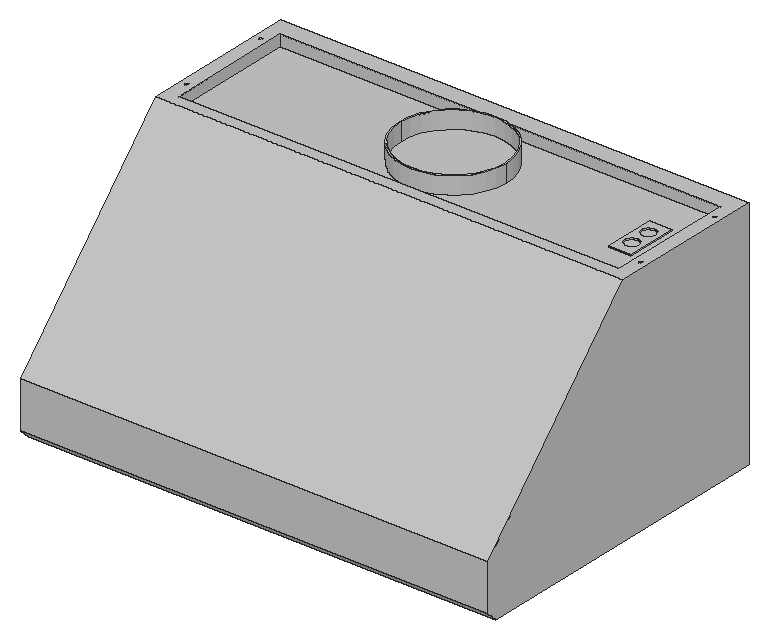
Revit family "FP_Revit_18_HCB36-6_N_Rangehood_90001234A", category Specialty Equipment, Revit 2018
Family settings
  Round Connector Dimension = Use Diameter
  Part Type = Normal
  OmniClass Number = 23.40.40.00
  OmniClass Title = Food Service Equipment and Furnishings
  Work Plane-Based = No
  Always vertical = Yes
  Cut with Voids When Loaded = Yes
  Shared = No
  Room Calculation Point = No
Parameters
  Visibility - Duct Transition [instance] = no
  Visibility - Duct Cover [instance] = no
  URL = "www.fisherpaykel.com"
  Product - Width = 1216 mm  # constant formula
  Product - Height = 457 mm  # constant formula
  Product - Depth = 636 mm  # constant formula
  Model = "HCB36-6_N"
  Material - Glass = Fisher & Paykel - White Bezel
  Material - Buttons and Dials = Fisher & Paykel - Steel, Chrome Plated
  Material - Body = Fisher & Paykel - Stainless Steel
  Manufacturer = "Fisher & Paykel Appliances"
  FFL Offset [instance] = 1677 mm
  Duct Cover - Height 6"(152mm) or 12"(305mm) [instance] = 305 mm
  Description = "36\" Professional Rangehood"
  Connector Description - Extraction 2 = "10\" (254mm) Outside diameter of ducting outlet, 600 CFM"
  Connector Description - Extraction 1 = "8\" (208mm) Outside diameter of ducting outlet, 600 CFM"
  Connector Description - Electrical = "120 V, 60 Hz, 20 A, Branch circuit"
Reference planes
  plane 1 "Center (Front/Back)": y = 0
  plane 2: z = 0
  plane 3 "Center (Left/Right)": x = 0
  plane 4 "Product LHS": x = -455.5
  plane 5 "Product RHS": x = 455.5
  plane 6 "Product Front": y = -318
  plane 7 "Product Rear": y = 318
  plane 8 "FFL Offset": z = 1677
  plane 9 "Product - Height": z = 2134
  plane 10 "Mounting": x = -443
  plane 11 "Duct Cover": z = 2439
Forms (mm)
  Extrusion 1, solid, material "Fisher & Paykel - Stainless Steel" <- "Material - Body"
    sketch origin (0, 0, 0) x (0, 1, 0) y (0, 0, 1)
      loop
        line (318, 2134) -> (13.065, 2134)
        arc (13.065, 2134) -> (-159.196, 1966.919) -> (-318, 1787) r 3096.459
        line (-318, 1787) -> (-318, 1696.18) -> (-297.82, 1677) -> (318, 1677) -> (318, 2134)
    from -455.5 to 455.5
  Extrusion 2, solid, material "Fisher & Paykel - Stainless Steel" <- "Material - Body"
    sketch origin (0, 0, 0) x (1, 0, 0) y (0, 1, 0)
      loop
        circle (0, 168) r 104
      loop
        circle (0, 168) r 102
    from 2112 to 2146
  Extrusion 3, void
    sketch origin (0, 0, 82.261) x (1, 0, 0) y (0, 1, 0)
      loop
        circle (-443, 252) r 3
      loop
        circle (-443, 72) r 3
      loop
        circle (443, 252) r 3
      loop
        circle (443, 72) r 3
    from 2041.739 to 2051.739
  Extrusion 4, void
    sketch origin (0, 0, 0) x (1, 0, 0) y (0, 0, 1)
      loop
        line (227.78, 2027.773) -> (227.78, 2037.9)
        arc (227.78, 2037.9) -> (224.28, 2041.4) -> (220.78, 2037.9) r 3.5
        line (220.78, 2037.9) -> (220.78, 2027.773)
        arc (220.78, 2027.773) -> (224.28, 2016.89) -> (227.78, 2027.773) r 6.004
      loop
        circle (250, 1753) r 9
      loop
        arc (-227.78, 2027.773) -> (-224.28, 2016.89) -> (-220.78, 2027.773) r 6.004
        line (-220.78, 2027.773) -> (-220.78, 2037.9)
        arc (-220.78, 2037.9) -> (-224.28, 2041.4) -> (-227.78, 2037.9) r 3.5
        line (-227.78, 2037.9) -> (-227.78, 2027.773)
      loop
        circle (-250, 1753) r 9
    from -318 to -293
  Extrusion 5, void
    sketch origin (0, 0, 0) x (0, 1, 0) y (0, 0, 1)
      loop
        line (-278.628, 1677) -> (242.7, 1677) -> (224.841, 1726.067) -> (241.039, 1726.067) -> (249.59, 1749.559) -> (224.137, 1758.823) -> (224.137, 1859.689) -> (-52.991, 1859.689) -> (-61.542, 1836.197) -> (-38.362, 1827.76) -> (-149.156, 1728) -> (-278.628, 1677)
    from -416.5 to 416.5
  Extrusion 6, solid, material "Fisher & Paykel - Stainless Steel" <- "Material - Body"
    sketch origin (0, 0, 0) x (1, 0, 0) y (0, 0, 1)
      loop
        line (-416.5, 1677) -> (-380, 1728) -> (-380, 1827.76) -> (-416.5, 1827.76) -> (-416.5, 1677)
      loop
        line (416.5, 1677) -> (416.5, 1827.76) -> (380, 1827.76) -> (380, 1728) -> (416.5, 1677)
    from -242.7 to 278.628
  Extrusion 7, void
    sketch origin (0, 0, 0) x (1, 0, 0) y (0, 0, 1)
      loop
        line (429.8, 2070.8) -> (-429.8, 2070.8) -> (-429.8, 1768.5) -> (429.8, 1768.5) -> (429.8, 2070.8)
    from -318 to -298
  Extrusion 8, void
    sketch origin (0, 0, 0) x (1, 0, 0) y (0, 1, 0)
      loop
        line (-429.7, 283.5) -> (-429.7, 35.2) -> (429.7, 35.2) -> (429.7, 283.5) -> (-429.7, 283.5)
    from 2112 to 2134
  Extrusion 9, solid, material "Fisher & Paykel - Stainless Steel" <- "Material - Body"
    sketch origin (0, 0, 0) x (1, 0, 0) y (0, 1, 0)
      loop
        line (349.4, 209.7) -> (349.4, 109.7) -> (393.4, 109.7) -> (393.4, 209.7) -> (349.4, 209.7)
      loop
        circle (371.4, 179.7) r 13.89
      loop
        circle (371.4, 139.7) r 13.89
    from 2112 to 2113.8
  Revolve 10, solid, material "Fisher & Paykel - Steel, Chrome Plated" <- "Material - Buttons and Dials", detail levels medium+fine
    sketch origin (-175, 0, 0) x (0, 1, 0) y (0, 0, 1)
      loop
        line (-187.912, 1712.734) -> (-185.676, 1707.058) -> (-176.21, 1713.044) -> (-177.677, 1716.766) -> (-187.912, 1712.734)
      axis (-213.499, 1702.655) -> (-211.263, 1696.979)
    angle from 0 to 360
  Revolve 11, solid, material "Fisher & Paykel - Steel, Chrome Plated" <- "Material - Buttons and Dials", detail levels medium+fine
    sketch origin (175, 0, 0) x (0, 1, 0) y (0, 0, 1)
      loop
        line (-187.912, 1712.734) -> (-185.676, 1707.058) -> (-176.21, 1713.044) -> (-177.677, 1716.766) -> (-187.912, 1712.734)
      axis (-213.499, 1702.655) -> (-211.263, 1696.979)
    angle from 0 to 360
  Revolve 12, solid, material "Fisher & Paykel - White Bezel" <- "Material - Glass", detail levels fine
    sketch origin (-175, 0, 0) x (0, 1, 0) y (0, 0, 1)
      loop
        line (-213.499, 1702.655) -> (-211.263, 1696.979) -> (-185.676, 1707.058) -> (-187.912, 1712.734) -> (-213.499, 1702.655)
      axis (-213.499, 1702.655) -> (-211.263, 1696.979)
    angle from 0 to 360
  Revolve 13, solid, material "Fisher & Paykel - White Bezel" <- "Material - Glass", detail levels fine
    sketch origin (175, 0, 0) x (0, 1, 0) y (0, 0, 1)
      loop
        line (-213.499, 1702.655) -> (-211.263, 1696.979) -> (-185.676, 1707.058) -> (-187.912, 1712.734) -> (-213.499, 1702.655)
      axis (-213.499, 1702.655) -> (-211.263, 1696.979)
    angle from 0 to 360
  Revolve 14, solid, material "Fisher & Paykel - Steel, Chrome Plated" <- "Material - Buttons and Dials", detail levels medium+fine
    sketch origin (-2000, -44.72, 0) x (1, 0, 0) y (0, 0, 1)
      loop
        line (2397.702, 1703.266) -> (2384.853, 1694.071) -> (2396.493, 1677.807) -> (2406.089, 1684.674) -> (2407.078, 1683.292) -> (2410.509, 1681.935) -> (2412.135, 1683.099) -> (2397.702, 1703.266)
      axis (2397.702, 1703.266) -> (2384.853, 1694.071)
    angle from 0 to 360
  Revolve 15, solid, material "Fisher & Paykel - Steel, Chrome Plated" <- "Material - Buttons and Dials", detail levels medium+fine
    sketch origin (-2000, -124.719, 0) x (1, 0, 0) y (0, 0, 1)
      loop
        line (2397.702, 1703.266) -> (2384.853, 1694.071) -> (2396.493, 1677.807) -> (2406.089, 1684.674) -> (2407.078, 1683.292) -> (2410.509, 1681.935) -> (2412.135, 1683.099) -> (2397.702, 1703.266)
      axis (2397.702, 1703.266) -> (2384.853, 1694.071)
    angle from 0 to 360
  Extrusion 16, solid, material "Fisher & Paykel - Stainless Steel" <- "Material - Body", visible <- "Visibility - Duct Transition"
    sketch origin (0, 0, 0) x (0, 1, 0) y (0, 0, 1)
      loop
        line (70.503, 2112) -> (265.177, 2112) -> (296.34, 2228.3) -> (39.34, 2228.3) -> (70.503, 2112)
    from -275 to 275
  Extrusion 17, solid, material "Fisher & Paykel - Stainless Steel" <- "Material - Body", visible <- "Visibility - Duct Transition"
    sketch origin (0, 0, 0) x (1, 0, 0) y (0, 1, 0)
      loop
        circle (0, 167.84) r 124.7
      loop
        circle (0, 167.84) r 123.7
    from 2228.3 to 2261.3
  Extrusion 18, solid, material "Fisher & Paykel - Stainless Steel" <- "Material - Body", visible <- "Visibility - Duct Cover"
    sketch origin (0, 0, 0) x (1, 0, 0) y (0, 1, 0)
      loop
        line (-455.5, 318) -> (-455.5, 13.065) -> (455.5, 13.065) -> (455.5, 318) -> (429.7, 318) -> (429.7, 35.2) -> (-429.7, 35.2) -> (-429.7, 318) -> (-455.5, 318)
    from 2134 to 2439
  Extrusion 19, solid, material "Fisher & Paykel - Stainless Steel" <- "Material - Body", detail levels fine
    sketch origin (0, 0, 0) x (0, 1, 0) y (0, 0, 1)
      loop
        line (224.137, 1827.76) -> (-38.362, 1827.76) -> (241.039, 1726.067) -> (249.59, 1749.559) -> (224.137, 1758.823) -> (224.137, 1827.76)
    from -380 to -352
  Extrusion 20, solid, material "Fisher & Paykel - Stainless Steel" <- "Material - Body", detail levels fine
    sketch origin (0, 0, 0) x (0, 1, 0) y (0, 0, -1)
      loop
        line (224.137, -1827.76) -> (224.137, -1758.823) -> (249.59, -1749.559) -> (241.039, -1726.067) -> (-38.362, -1827.76) -> (224.137, -1827.76)
    from -380 to -352
Cuts and joins
  Extrusion 3, Extrusion 4, Extrusion 5, Extrusion 7, Extrusion 8 cuts Extrusion 1
  Extrusion 7 cuts Extrusion 6
  joined: Extrusion 1, Extrusion 6
Text (mm)
  text "Due to ongoing product development, product details are subject to change without notice. \nPlease always refer to www.fisherpaykel.com for the most current product information. \n© Fisher & Paykel 2020" at (41.04, -1225.549, 0), in view "Ref. Level (Plan)"
Dimensions and locks
  equal spacing: plane 4 "Product LHS", plane 3 "Center (Left/Right)", plane 5 "Product RHS"
  equal spacing: plane 7 "Product Rear", plane 1 "Center (Front/Back)", plane 6 "Product Front"
  "Product - Depth": plane 7 "Product Rear" to plane 6 "Product Front"
  "FFL Offset": plane 8 "FFL Offset" to level
  Extrusion 1 to Extrusion 2 sketch curve = 150 mm
  Extrusion 2 sketch curve to plane 3 "Center (Left/Right)" = 0 mm
  plane 9 "Product - Height" to Extrusion 2 = 12 mm
  Extrusion 1 to Extrusion 3 sketch curve = 66 mm
  Extrusion 1 to Extrusion 3 sketch curve = 246 mm
  locked: Extrusion 3 to plane 9 "Product - Height" at 10
  "Product - Height": plane 9 "Product - Height" to plane 8 "FFL Offset"
  locked: Extrusion 2 to plane 9 "Product - Height" at 12
  locked: cut or joined group of Extrusion 1, Extrusion 3, Extrusion 4, Extrusion 5, Extrusion 6, Extrusion 7, Extrusion 8 to plane 9 "Product - Height" at 22
  locked: plane 9 "Product - Height" to Extrusion 17 at 127.3
  locked: cut or joined group of Extrusion 1, Extrusion 3, Extrusion 4, Extrusion 5, Extrusion 6, Extrusion 7, Extrusion 8 to Extrusion 9 at 1.8
  locked: nested 2 to plane 8 "FFL Offset" at 55.223
  locked: Extrusion 16 to plane 9 "Product - Height" at 94.3
  "Duct Cover - Height 6"(152mm) or 12"(305mm)": plane 9 "Product - Height" to plane 11 "Duct Cover"
  locked: nested 1 to plane 8 "FFL Offset" at 104.132
  locked: Extrusion 1 sketch curve to plane 8 "FFL Offset" at 110
  aligned and locked: level to plane 2
  aligned and locked: plane 8 "FFL Offset" to Extrusion 1 sketch curve
  aligned and locked: Extrusion 1 to plane 5 "Product RHS"
  aligned and locked: plane 4 "Product LHS" to Extrusion 1
  aligned and locked: plane 7 "Product Rear" to Extrusion 1
  aligned and locked: Extrusion 1 to plane 6 "Product Front"
  aligned and locked: Extrusion 1 to plane 9 "Product - Height"
  aligned and locked: Extrusion 3 to plane 9 "Product - Height"
  aligned and locked: Extrusion 1 to Extrusion 4
  aligned and locked: Extrusion 8 to plane 9 "Product - Height"
  aligned and locked: plane 7 "Product Rear" to Extrusion 18 sketch curve
  aligned and locked: Extrusion 18 sketch curve to plane 7 "Product Rear"
  aligned and locked: Extrusion 18 sketch curve to cut or joined group of Extrusion 1, Extrusion 3, Extrusion 4, Extrusion 5, Extrusion 6, Extrusion 7, Extrusion 8  (x3)
  aligned and locked: plane 9 "Product - Height" to Extrusion 18
  aligned and locked: cut or joined group of Extrusion 1, Extrusion 3, Extrusion 4, Extrusion 5, Extrusion 6, Extrusion 7, Extrusion 8 to Extrusion 16
  aligned and locked: Extrusion 17 to Extrusion 16
  aligned and locked: cut or joined group of Extrusion 1, Extrusion 3, Extrusion 4, Extrusion 5, Extrusion 6, Extrusion 7, Extrusion 8 to Extrusion 9
  aligned and locked: cut or joined group of Extrusion 1, Extrusion 3, Extrusion 4, Extrusion 5, Extrusion 6, Extrusion 7, Extrusion 8 to Extrusion 2
  aligned and locked: plane 11 "Duct Cover" to Extrusion 18
Automatic sketch dimensions
  Extrusion 2 sketch curve to Extrusion 2 sketch curve = 0 mm  (x2)
  Extrusion 3 sketch curve to plane 10 "Mounting" = 0 mm  (x2)
  plane 5 "Product RHS" to Extrusion 3 sketch curve = 12.5 mm  (x2)
  Extrusion 3 sketch curve to plane 1 "Center (Front/Back)" = 72 mm
  Extrusion 3 sketch curve to plane 7 "Product Rear" = 66 mm
  plane 8 "FFL Offset" to Extrusion 4 sketch curve = 76 mm  (x2)
  plane 10 "Mounting" to Extrusion 4 sketch curve = 193 mm
  plane 9 "Product - Height" to Extrusion 4 sketch curve = 96.1 mm
  plane 10 "Mounting" to Extrusion 4 sketch curve = 215.22 mm
  Extrusion 4 sketch curve to Extrusion 4 sketch curve = 3.5 mm  (x4)
  plane 9 "Product - Height" to Extrusion 4 sketch curve = 106.227 mm
  plane 3 "Center (Left/Right)" to Extrusion 4 sketch curve = 220.78 mm
  plane 5 "Product RHS" to Extrusion 4 sketch curve = 205.5 mm
  Extrusion 4 sketch curve to Extrusion 4 sketch curve = 15.005 mm
  Extrusion 4 sketch curve to Extrusion 4 sketch curve = 4.879 mm  (x2)
  Extrusion 4 sketch curve to Extrusion 4 sketch curve = 10.127 mm
  Extrusion 5 sketch curve to plane 8 "FFL Offset" = 0 mm
  plane 6 "Product Front" to Extrusion 5 sketch curve = 39.372 mm
  plane 8 "FFL Offset" to Extrusion 5 sketch curve = 51 mm
  Extrusion 5 sketch curve to Extrusion 5 sketch curve = 129.471 mm
  plane 1 "Center (Front/Back)" to Extrusion 5 sketch curve = 61.542 mm
  Extrusion 5 sketch curve to Extrusion 5 sketch curve = 8.551 mm  (x2)
  Extrusion 5 sketch curve to Extrusion 5 sketch curve = 23.18 mm
  Extrusion 5 sketch curve to plane 7 "Product Rear" = 93.863 mm
  Extrusion 5 sketch curve to Extrusion 5 sketch curve = 0.704 mm
  Extrusion 5 sketch curve to Extrusion 5 sketch curve = 16.198 mm
  Extrusion 5 sketch curve to Extrusion 5 sketch curve = 1.661 mm
  plane 8 "FFL Offset" to Extrusion 5 sketch curve = 49.067 mm
  Extrusion 5 sketch curve to Extrusion 5 sketch curve = 23.492 mm
  Extrusion 5 sketch curve to Extrusion 5 sketch curve = 99.76 mm
  Extrusion 5 sketch curve to Extrusion 5 sketch curve = 8.437 mm
  Extrusion 6 sketch curve to plane 8 "FFL Offset" = 0 mm  (x2)
  plane 10 "Mounting" to Extrusion 6 sketch curve = 26.5 mm
  Extrusion 6 sketch curve to Extrusion 6 sketch curve = 36.5 mm
  plane 5 "Product RHS" to Extrusion 6 sketch curve = 75.5 mm
  plane 5 "Product RHS" to Extrusion 6 sketch curve = 39 mm
  plane 8 "FFL Offset" to Extrusion 6 sketch curve = 51 mm  (x2)
  Extrusion 6 sketch curve to Extrusion 6 sketch curve = 99.76 mm  (x2)
  plane 10 "Mounting" to Extrusion 7 sketch curve = 13.2 mm
  plane 5 "Product RHS" to Extrusion 7 sketch curve = 25.7 mm
  plane 8 "FFL Offset" to Extrusion 7 sketch curve = 91.5 mm
  plane 9 "Product - Height" to Extrusion 7 sketch curve = 63.2 mm
  plane 10 "Mounting" to Extrusion 8 sketch curve = 13.3 mm
  plane 5 "Product RHS" to Extrusion 8 sketch curve = 25.8 mm
  Extrusion 8 sketch curve to plane 1 "Center (Front/Back)" = 35.2 mm
  Extrusion 8 sketch curve to plane 7 "Product Rear" = 34.5 mm
  plane 5 "Product RHS" to Extrusion 9 sketch curve = 106.1 mm
  Extrusion 9 sketch curve to Extrusion 9 sketch curve = 22 mm  (x3)
  Extrusion 9 sketch curve to plane 1 "Center (Front/Back)" = 109.7 mm
  Extrusion 9 sketch curve to Extrusion 9 sketch curve = 30 mm
  Extrusion 9 sketch curve to Extrusion 9 sketch curve = 40 mm
  Extrusion 9 sketch curve to Extrusion 9 sketch curve = 29.999 mm
  plane 8 "FFL Offset" to Revolve 10 sketch curve = 35.734 mm
  plane 6 "Product Front" to Revolve 10 sketch curve = 130.088 mm
  plane 8 "FFL Offset" to Revolve 10 sketch curve = 30.058 mm
  Revolve 10 sketch curve to Revolve 10 sketch curve = 2.236 mm
  plane 8 "FFL Offset" to Revolve 10 sketch curve = 39.766 mm
  plane 8 "FFL Offset" to Revolve 10 sketch curve = 36.044 mm
  plane 8 "FFL Offset" to Revolve 10 sketch curve = 10.675 mm
  Revolve 10 sketch curve to Revolve 10 sketch curve = 21.922 mm
  plane 8 "FFL Offset" to Revolve 10 sketch curve = 19.979 mm
  Revolve 10 sketch curve to Revolve 10 sketch curve = 3.665 mm
  plane 8 "FFL Offset" to Revolve 11 sketch curve = 35.734 mm
  plane 6 "Product Front" to Revolve 11 sketch curve = 130.088 mm
  plane 8 "FFL Offset" to Revolve 11 sketch curve = 30.058 mm
  Revolve 11 sketch curve to Revolve 11 sketch curve = 2.236 mm
  plane 8 "FFL Offset" to Revolve 11 sketch curve = 39.766 mm
  plane 8 "FFL Offset" to Revolve 11 sketch curve = 36.044 mm
  plane 8 "FFL Offset" to Revolve 11 sketch curve = 10.675 mm
  Revolve 11 sketch curve to Revolve 11 sketch curve = 21.922 mm
  plane 8 "FFL Offset" to Revolve 11 sketch curve = 19.979 mm
  Revolve 11 sketch curve to Revolve 11 sketch curve = 3.665 mm
  plane 8 "FFL Offset" to Revolve 12 sketch curve = 25.655 mm
  plane 6 "Product Front" to Revolve 12 sketch curve = 104.501 mm
  plane 8 "FFL Offset" to Revolve 12 sketch curve = 19.979 mm  (x2)
  Revolve 12 sketch curve to Revolve 12 sketch curve = 2.236 mm
  plane 8 "FFL Offset" to Revolve 12 sketch curve = 35.734 mm
  Revolve 12 sketch curve to Revolve 12 sketch curve = 0 mm
  plane 8 "FFL Offset" to Revolve 12 sketch curve = 15.327 mm
  Revolve 12 sketch curve to Revolve 12 sketch curve = 1.833 mm
  plane 8 "FFL Offset" to Revolve 13 sketch curve = 25.655 mm
  plane 6 "Product Front" to Revolve 13 sketch curve = 104.501 mm
  plane 8 "FFL Offset" to Revolve 13 sketch curve = 19.979 mm  (x2)
  Revolve 13 sketch curve to Revolve 13 sketch curve = 2.236 mm
  plane 8 "FFL Offset" to Revolve 13 sketch curve = 35.734 mm
  Revolve 13 sketch curve to Revolve 13 sketch curve = 0 mm
  plane 8 "FFL Offset" to Revolve 13 sketch curve = 15.327 mm
  Revolve 13 sketch curve to Revolve 13 sketch curve = 1.833 mm
  plane 8 "FFL Offset" to Revolve 14 sketch curve = 17.071 mm  (x2)
  plane 5 "Product RHS" to Revolve 14 sketch curve = 70.647 mm
  plane 8 "FFL Offset" to Revolve 14 sketch curve = 0.807 mm
  Revolve 14 sketch curve to Revolve 14 sketch curve = 11.64 mm
  plane 8 "FFL Offset" to Revolve 14 sketch curve = 26.266 mm
  plane 8 "FFL Offset" to Revolve 14 sketch curve = 7.674 mm
  plane 8 "FFL Offset" to Revolve 14 sketch curve = 6.292 mm
  plane 8 "FFL Offset" to Revolve 14 sketch curve = 4.935 mm
  Revolve 14 sketch curve to Revolve 14 sketch curve = 3.431 mm
  plane 8 "FFL Offset" to Revolve 14 sketch curve = 14.161 mm
  Revolve 14 sketch curve to Revolve 14 sketch curve = 4.066 mm
  Revolve 14 sketch curve to Revolve 14 sketch curve = 0 mm
  plane 8 "FFL Offset" to Revolve 15 sketch curve = 17.071 mm  (x2)
  plane 5 "Product RHS" to Revolve 15 sketch curve = 70.647 mm
  plane 8 "FFL Offset" to Revolve 15 sketch curve = 0.807 mm
  Revolve 15 sketch curve to Revolve 15 sketch curve = 11.64 mm
  plane 8 "FFL Offset" to Revolve 15 sketch curve = 26.266 mm
  plane 8 "FFL Offset" to Revolve 15 sketch curve = 7.674 mm
  plane 8 "FFL Offset" to Revolve 15 sketch curve = 6.292 mm
  plane 8 "FFL Offset" to Revolve 15 sketch curve = 4.935 mm
  Revolve 15 sketch curve to Revolve 15 sketch curve = 3.431 mm
  plane 8 "FFL Offset" to Revolve 15 sketch curve = 14.161 mm
  Revolve 15 sketch curve to Revolve 15 sketch curve = 4.066 mm
  Revolve 15 sketch curve to Revolve 15 sketch curve = 0 mm
  Extrusion 16 sketch curve to plane 1 "Center (Front/Back)" = 39.34 mm
  plane 9 "Product - Height" to Extrusion 16 sketch curve = 22 mm
  Extrusion 16 sketch curve to plane 1 "Center (Front/Back)" = 70.503 mm
  Extrusion 16 sketch curve to plane 7 "Product Rear" = 52.823 mm
  Extrusion 16 sketch curve to plane 7 "Product Rear" = 21.66 mm
  Extrusion 16 sketch curve to plane 9 "Product - Height" = 94.3 mm
  Extrusion 17 sketch curve to Extrusion 17 sketch curve = 0 mm  (x2)
  Extrusion 17 sketch curve to plane 3 "Center (Left/Right)" = 0 mm
  Extrusion 17 sketch curve to plane 7 "Product Rear" = 150.16 mm
  Extrusion 18 sketch curve to plane 4 "Product LHS" = 0 mm
  Extrusion 18 sketch curve to plane 5 "Product RHS" = 0 mm
  plane 1 "Center (Front/Back)" to Extrusion 19 sketch curve = 38.362 mm
  Extrusion 19 sketch curve to plane 7 "Product Rear" = 93.863 mm
  Extrusion 19 sketch curve to Extrusion 19 sketch curve = 16.902 mm
  Extrusion 19 sketch curve to Extrusion 19 sketch curve = 8.551 mm
  plane 8 "FFL Offset" to Extrusion 19 sketch curve = 49.067 mm
  Extrusion 19 sketch curve to Extrusion 19 sketch curve = 23.492 mm
  plane 1 "Center (Front/Back)" to Extrusion 20 sketch curve = 38.362 mm
  Extrusion 20 sketch curve to plane 7 "Product Rear" = 93.863 mm
  Extrusion 20 sketch curve to Extrusion 20 sketch curve = 16.902 mm
  Extrusion 20 sketch curve to Extrusion 20 sketch curve = 8.551 mm
  plane 8 "FFL Offset" to Extrusion 20 sketch curve = 150.76 mm
  Extrusion 20 sketch curve to Extrusion 20 sketch curve = 68.937 mm
  Extrusion 1 sketch curve to plane 6 "Product Front" = 0 mm
  plane 9 "Product - Height" to Extrusion 1 sketch curve = 0 mm
  Extrusion 1 sketch curve to plane 7 "Product Rear" = 0 mm
  plane 6 "Product Front" to Extrusion 1 sketch curve = 20.18 mm
  Extrusion 1 sketch curve to plane 1 "Center (Front/Back)" = 13.065 mm
  plane 8 "FFL Offset" to Extrusion 1 sketch curve = 19.18 mm
  Extrusion 1 sketch curve to level = 170.561 mm
  Extrusion 18 sketch curve to plane 1 "Center (Front/Back)" = 13.065 mm
  radius of Extrusion 2 sketch curve = 104 mm
  radius of Extrusion 2 sketch curve = 102 mm
  radius of Extrusion 3 sketch curve = 3 mm  (x4)
  radius of Extrusion 4 sketch curve = 9 mm  (x2)
  radius of Extrusion 9 sketch curve = 13.89 mm  (x2)
  radius of Extrusion 17 sketch curve = 124.7 mm
  radius of Extrusion 17 sketch curve = 123.7 mm
Nested families
  nested 1: "F&P Filter Rangehood HCB" at (-176.575, 89.749, 1781.132), type "F&P Filter Rangehood HCB"
  nested 2: "F&P Filter Rangehood HCB" at (175.425, 89.749, 1781.132), type "F&P Filter Rangehood HCB"
  nested 3: "F&P Filter Rangehood HCB" at (-176.575, 89.749, 1781.132), type "F&P Filter Rangehood HCB", not visible
Connectors
  electrical at (371.4, 139.7, 2112), driven by "Connector Description - Electrical"
    settings: on Extrusion 9, index 1, voltage 120 V, apparent load 0 VA, apparent load phase1 0 VA, apparent load phase2 0 VA, apparent load phase3 0 VA, power factor 1, load classification "Other", number of poles 1, system type 30, power factor state 1, is connector primary yes, connector utility no, sub classification motor no, connector description "120 V, 60 Hz, 20 A, Branch circuit"
  hvac at (0, 168, 2146), driven by "Connector Description - Extraction 1"
    settings: on Extrusion 2, index 2, duct flow 0.0 L/s, flow factor 0, pres drop 0.0 Pa, loss coef 0, conn angle 0.00°, conn width 304.8 mm, conn height 304.8 mm, conn diameter 208 mm, duct sys type 4, conn prof type 0, flow config 0, flow direction 2, loss method 0, conn ref index -1, conn util no, is conn primary yes, conn desc "8\" (208mm) Outside diameter of ducting outlet, 600 CFM"
  hvac at (0, 168, 2146), driven by "Connector Description - Extraction 1"
    settings: on Extrusion 2, index 3, duct flow 0.0 L/s, flow factor 0, pres drop 0.0 Pa, loss coef 0, conn angle 0.00°, conn width 304.8 mm, conn height 304.8 mm, conn diameter 208 mm, duct sys type 4, conn prof type 0, flow config 0, flow direction 2, loss method 0, conn ref index -1, conn util no, is conn primary no, conn desc "8\" (208mm) Outside diameter of ducting outlet, 600 CFM"
  hvac at (0, 167.84, 2261.3), driven by "Connector Description - Extraction 2", driven by "Visibility - Duct Transition"
    settings: on Extrusion 17, index 4, duct flow 0.0 L/s, flow factor 0, pres drop 0.0 Pa, loss coef 0, conn angle 0.00°, conn width 304.8 mm, conn height 304.8 mm, conn diameter 254 mm, duct sys type 4, conn prof type 0, flow config 0, flow direction 2, loss method 0, conn ref index -1, conn util no, is conn primary no, conn desc "10\" (254mm) Outside diameter of ducting outlet, 600 CFM"
  hvac at (0, 168, 2146), driven by "Connector Description - Extraction 1"
    settings: on Extrusion 2, index 5, duct flow 0.0 L/s, flow factor 0, pres drop 0.0 Pa, loss coef 0, conn angle 0.00°, conn width 304.8 mm, conn height 304.8 mm, conn diameter 208 mm, duct sys type 4, conn prof type 0, flow config 0, flow direction 2, loss method 0, conn ref index -1, conn util no, is conn primary no, conn desc "8\" (208mm) Outside diameter of ducting outlet, 600 CFM"
Definition of nested family "F&P Filter Rangehood HCB"
  Parameters (values of type "F&P Filter Rangehood HCB")
    URL = "www.fisherpaykel.com"
    Material - Body = none
    Manufacturer = "Fisher & Paykel Appliances"
  Reference planes
    plane 1 "Center (Front/Back)": y = 0
    plane 2: z = 0
    plane 3 "Center (Left/Right)": x = 0
  Forms (mm)
    Extrusion 1, solid, material <- "Material - Body"
      sketch origin (0, 0, 0) x (1, 0, 0) y (0, -0.939693, 0.34202)
        loop
          line (-175.425, 161) -> (-175.425, -161) -> (176.575, -161) -> (176.575, 161) -> (-175.425, 161)
        loop
          line (158.575, -143) -> (158.575, 143) -> (-157.425, 143) -> (-157.425, -143) -> (158.575, -143)
      from -25 to 0
    Extrusion 2, solid, material <- "Material - Body", detail levels fine
      sketch origin (0, 0, 0) x (1, 0, 0) y (0, 0.34202, 0.939693)
        loop
          line (-142.575, 8.66) -> (-137.575, 0) -> (-112.425, 0) -> (-107.425, 8.66) -> (-109.931, 23.4) -> (-140.069, 23.4) -> (-142.575, 8.66)
        loop
          line (-92.575, 8.66) -> (-87.575, 0) -> (-62.425, 0) -> (-57.425, 8.66) -> (-59.931, 23.4) -> (-90.069, 23.4) -> (-92.575, 8.66)
        loop
          line (-42.575, 8.66) -> (-37.575, 0) -> (-12.425, 0) -> (-7.425, 8.66) -> (-9.931, 23.4) -> (-40.069, 23.4) -> (-42.575, 8.66)
        loop
          line (142.575, 8.66) -> (140.069, 23.4) -> (109.931, 23.4) -> (107.425, 8.66) -> (112.425, 0) -> (137.575, 0) -> (142.575, 8.66)
        loop
          line (92.575, 8.66) -> (90.069, 23.4) -> (59.931, 23.4) -> (57.425, 8.66) -> (62.425, 0) -> (87.575, 0) -> (92.575, 8.66)
        loop
          line (42.575, 8.66) -> (40.069, 23.4) -> (9.931, 23.4) -> (7.425, 8.66) -> (12.425, 0) -> (37.575, 0) -> (42.575, 8.66)
      from -143 to 143
    Extrusion 3, solid, material <- "Material - Body"
      sketch origin (0, 0, 0) x (1, 0, 0) y (0, 0.34202, 0.939693)
        loop
          line (-157.425, 25) -> (-157.425, 23.4) -> (158.575, 23.4) -> (158.575, 25) -> (-157.425, 25)
      from -143 to 143
    Extrusion 4, solid, material <- "Material - Body", detail levels fine
      sketch origin (0, 0, 0) x (1, 0, 0) y (0, -0.939693, 0.34202)
        loop
          circle (-166.425, 0) r 6
        loop
          circle (166.425, 0) r 6
      from 0 to 18.5
    Extrusion 5, solid, material <- "Material - Body", detail levels coarse+medium
      sketch origin (0, 0, 0) x (1, 0, 0) y (0, 0.34202, 0.939693)
        loop
          line (-142.575, 23.4) -> (-142.575, 0) -> (-107.425, 0) -> (-107.425, 23.4) -> (-142.575, 23.4)
        loop
          line (-92.575, 23.4) -> (-92.575, 0) -> (-57.425, 0) -> (-57.425, 23.4) -> (-92.575, 23.4)
        loop
          line (-42.575, 23.4) -> (-42.575, 0) -> (-7.425, 0) -> (-7.425, 23.4) -> (-42.575, 23.4)
        loop
          line (142.575, 23.4) -> (107.425, 23.4) -> (107.425, 0) -> (142.575, 0) -> (142.575, 23.4)
        loop
          line (92.575, 23.4) -> (57.425, 23.4) -> (57.425, 0) -> (92.575, 0) -> (92.575, 23.4)
        loop
          line (42.575, 23.4) -> (7.425, 23.4) -> (7.425, 0) -> (42.575, 0) -> (42.575, 23.4)
      from -143 to 143
  Cuts and joins
    joined: Extrusion 1, Extrusion 3
  Dimensions and locks
    aligned and locked: level to plane 2
